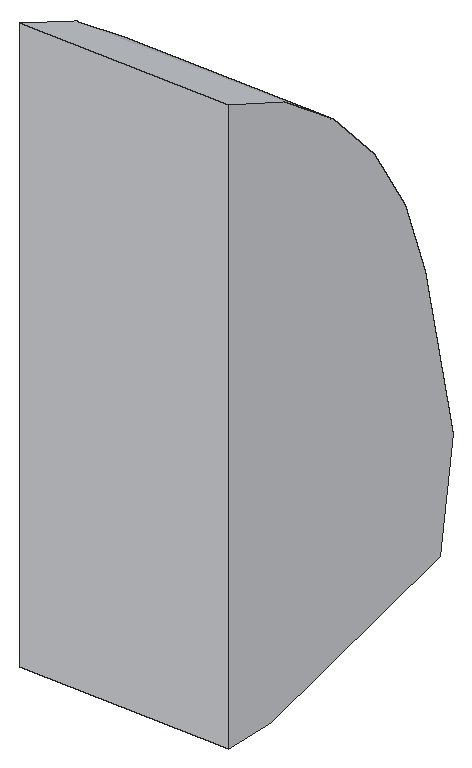
Revit family "DAN DRYER Stainless Design Mini Design 295", category Furniture Systems, host Wall, Revit 2018
Family settings
  Host = Wall
  Round Connector Dimension = Use Diameter
  Part Type = Normal
  Always vertical = Yes
  Cut with Voids When Loaded = No
  Shared = No
  Room Calculation Point = No
Parameters (values of type "Stål")
  Wicth = 120 mm
  URL = "http://www.dandryer.com/Files/Billeder/PDF/Datablade/Nye/Technical%20data%20sheet_%20art.%20no.%20%20295.pdf"
  Type Image = <None>
  Offset from Floor = 1500 mm
  Model = "Stainless design"
  Manufacturer = "http://www.dandryer.com/"
  Height = 339 mm
  Description = "STAINLESS DESIGN touch-free soap dispenser, for foam soap, Art. no. 295"
  Cost = 0
Reference planes
  plane 1 "Wall": y = 0
  plane 2 "Center (Left/Right)": x = 125
  plane 3 "Back": y = 75
  plane 4 "Top": z = 1500
  plane 5 "Bund": z = 1161
  plane 6: x = 185
  plane 7: x = 65
Forms (mm)
  Extrusion 1, solid
    sketch origin (125, 0, 0) x (0, 1, 0) y (0, 0, 1)
      loop
        line (75, 1161) -> (105, 1161) -> (225.741, 1193.352) -> (235.127, 1252.614)
        arc (235.127, 1252.614) -> (227.544, 1299.386) -> (215.127, 1345.114) r 454
        arc (215.127, 1345.114) -> (164.741, 1437.327) -> (75, 1491.993) r 203
        line (75, 1491.993) -> (75, 1161)
    from -60 to 60
  Extrusion 2, void
    sketch origin (125, 105, 1161) x (0, -0.965926, -0.258819) y (1, 0, 0)
      loop
        line (-16.91, 45.054) -> (-16.91, 25.054) -> (-11.91, 25.054) -> (-11.91, 45.054) -> (-16.91, 45.054)
      loop
        line (-16.91, 18.929) -> (-16.91, 12.147) -> (-11.91, 12.147) -> (-11.91, 18.929) -> (-16.91, 18.929)
    from 0 to 5
Cuts and joins
  Extrusion 2 cuts Extrusion 1
Text (mm)
  text "Placement Side" at (-1848.837, 1116.779, 0), in view "Ref. Level"
  text "Placement side" at (0, 1409.804, 2854.306), in view "Left"
  text "Placement side" at (0, 499.811, 2980.732), in view "Right"
Dimensions and locks
  locked: plane 3 "Back" to host wall
  "Height": plane 5 "Bund" to plane 4 "Top"
  equal spacing: plane 7, plane 2 "Center (Left/Right)", plane 6
  "Wicth": plane 7 to plane 6
  "Offset from Floor": level to plane 4 "Top"
  aligned and locked: plane 1 "Wall" to host wall
  aligned and locked: Extrusion 1 sketch curve to host wall
  aligned and locked: plane 7 to Extrusion 1
  aligned and locked: Extrusion 1 to plane 6
Automatic sketch dimensions
  Extrusion 1 sketch curve to plane 5 "Bund" = 0 mm
  Extrusion 1 sketch curve to host wall = 17.862 mm
  plane 5 "Bund" to Extrusion 1 sketch curve = 42.441 mm
  host wall to Extrusion 1 sketch curve = 141.202 mm
  Extrusion 1 sketch curve to Extrusion 1 sketch curve = 30 mm
  plane 5 "Bund" to Extrusion 1 sketch curve = 32.352 mm
  Extrusion 1 sketch curve to Extrusion 1 sketch curve = 120.741 mm
  Extrusion 1 sketch curve to Extrusion 1 sketch curve = 9.386 mm
  Extrusion 1 sketch curve to Extrusion 1 sketch curve = 59.261 mm
  plane 5 "Bund" to Extrusion 1 sketch curve = 136.2 mm
  Extrusion 1 sketch curve to Extrusion 1 sketch curve = 20 mm
  Extrusion 1 to Extrusion 2 sketch curve = 16.91 mm
  Extrusion 2 sketch curve to Extrusion 2 sketch curve = 0 mm
  Extrusion 2 sketch curve to Extrusion 2 sketch curve = 5 mm  (x2)
  Extrusion 2 sketch curve to Extrusion 1 = 47.853 mm
  Extrusion 2 sketch curve to Extrusion 2 sketch curve = 6.783 mm
  Extrusion 2 sketch curve to Extrusion 2 sketch curve = 6.125 mm
  Extrusion 2 sketch curve to Extrusion 1 = 14.946 mm
